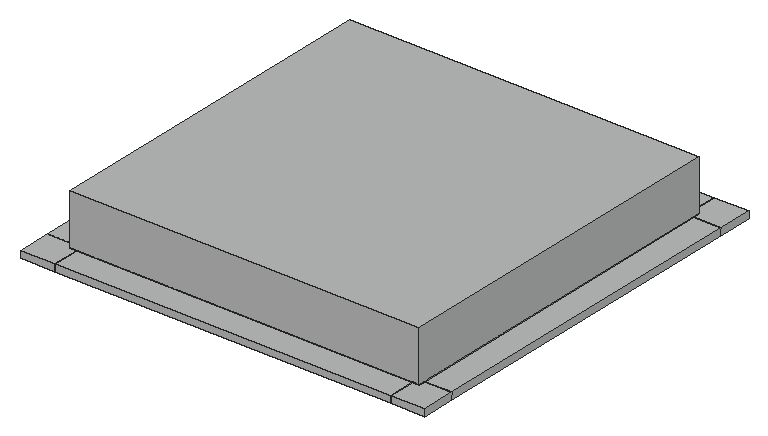
Revit family "ALUMOGIPS", category Осветительные приборы, Revit 2019 (continued)
Types (72, lengths in mm): name | Файл фотометрической сетки | built-in parameter 1150105 | Lumens | built-in parameter 1150106 | built-in parameter 1150142 | Wattage | Emit from Rectangle Width | Emit from Rectangle Length | Длина | Материал светильника | Ширина | ADSK_Ток | ADSK_Полная мощность | ADSK_Обозначение | ADSK_Номинальная мощность | ADSK_Наименование | ADSK_Масса | ADSK_Код изделия
  Alumogips-50/opal-sand 595х595 (IP54, 4000К, серый) | "Светильник ALUMOGIPS-50 OPAL-SAND-(595x595).IES" | 405.85 (stored number, unit not read) | 5100 lm | 4.0585 (stored number, unit not read) | "IESNA:LM-63-95\r\n[TEST] Протокол № 50-14\r\n[DATA] 15.06.2016\r\n[MORE] \r\n[MANUFAC] ЗАО \"Центрстройсвет\"\r\n[LUMCAT]  Светильник ALUMOGIPS-50/OPAL-SAND-(595x595)\r\n[LUMINAIRE]\r\n[LAMPCAT] Светодиоды\r\n[LAMP] Поток источника света (светодиодов) не известен\r\n[MORE] КСС приведена в абсолютных величинах кд\r\n[MORE] Вместо потока лампы, указан поток светильника.\r\nTILT=NONE\r\n1    5060 1.0 37 73 1 2 0.595 0.595 0.04\r\n1.0 1.0 50.3\r\n0.0 5.0 10.0 15.0 20.0 25.0 30.0 35.0 40.0 45.0 50.0 55.0 60.0 65.0 70.0 75.0 80.0 85.0 90.0 95.0 100.0 105.0 110.0 115.0 120.0 125.0 130.0 135.0 140.0 145.0 150.0 155.0 160.0 165.0 170.0 175.0 180.0\r\n0.0 5.0 10.0 15.0 20.0 25.0 30.0 35.0 40.0 45.0 50.0 55.0 60.0 65.0 70.0 75.0 80.0 85.0 90.0 95.0 100.0 105.0 110.0 115.0 120.0 125.0 130.0 135.0 140.0 145.0 150.0 155.0 160.0 165.0 170.0 175.0 180.0 185.0 190.0 195.0 200.0 205.0 210.0 215.0 220.0 225.0 230.0 235.0 240.0 245.0 250.0 255.0 260.0 265.0 270.0 275.0 280.0 285.0 290.0 295.0 300.0 305.0 310.0 315.0 320.0 325.0 330.0 335.0 340.0 345.0 350.0 355.0 360.0\r\n1887.5 1882.3 1843.4 1792.0 1724.0 1631.5 1531.1 1419.3 1293.7 1161.5 1026.7 886.8 740.0 595.0 455.2 319.9 194.6 81.1 4.9 0.0 0.0 0.0 0.0 0.0 0.0 0.0 0.0 0.0 0.0 0.0 0.0 0.0 0.0 0.0 0.0 0.0 0.0\r\n1887.5 1882.9 1846.0 1797.8 1725.1 1630.8 1538.9 1418.0 1289.1 1162.9 1024.5 883.4 740.5 598.7 455.8 320.4 195.7 82.0 5.0 0.0 0.0 0.0 0.0 0.0 0.0 0.0 0.0 0.0 0.0 0.0 0.0 0.0 0.0 0.0 0.0 0.0 0.0\r\n1887.5 1884.1 1849.8 1793.9 1724.1 1633.5 1538.1 1421.4 1298.2 1165.1 1027.4 885.2 742.6 599.8 457.4 322.3 197.1 83.7 5.4 0.0 0.0 0.0 0.0 0.0 0.0 0.0 0.0 0.0 0.0 0.0 0.0 0.0 0.0 0.0 0.0 0.0 0.0\r\n1887.5 1885.6 1850.0 1796.3 1725.8 1632.2 1533.7 1422.0 1295.8 1167.8 1030.8 886.1 743.6 597.9 459.5 322.2 196.9 83.7 5.4 0.0 0.0 0.0 0.0 0.0 0.0 0.0 0.0 0.0 0.0 0.0 0.0 0.0 0.0 0.0 0.0 0.0 0.0\r\n1887.5 1886.5 1849.9 1795.8 1721.4 1639.6 1534.8 1418.0 1296.4 1168.3 1027.2 886.6 744.0 600.2 457.7 323.1 197.0 84.2 5.3 0.0 0.0 0.0 0.0 0.0 0.0 0.0 0.0 0.0 0.0 0.0 0.0 0.0 0.0 0.0 0.0 0.0 0.0\r\n1887.5 1885.6 1848.0 1795.1 1728.2 1636.1 1537.7 1424.4 1296.7 1163.9 1028.1 885.4 746.1 599.2 456.9 323.0 198.1 84.6 6.1 0.0 0.0 0.0 0.0 0.0 0.0 0.0 0.0 0.0 0.0 0.0 0.0 0.0 0.0 0.0 0.0 0.0 0.0\r\n1887.5 1884.2 1849.8 1792.9 1722.3 1637.3 1537.3 1423.8 1299.0 1162.9 1028.1 889.2 746.4 599.2 458.6 325.2 198.7 85.0 6.5 0.0 0.0 0.0 0.0 0.0 0.0 0.0 0.0 0.0 0.0 0.0 0.0 0.0 0.0 0.0 0.0 0.0 0.0\r\n1887.5 1884.0 1850.9 1800.1 1725.4 1633.0 1534.3 1421.2 1294.0 1160.9 1028.3 886.0 747.4 600.7 459.7 325.6 199.2 86.0 6.2 0.0 0.0 0.0 0.0 0.0 0.0 0.0 0.0 0.0 0.0 0.0 0.0 0.0 0.0 0.0 0.0 0.0 0.0\r\n1887.5 1884.0 1850.4 1799.2 1722.9 1634.9 1528.6 1423.0 1298.2 1162.3 1032.0 888.7 743.9 600.7 461.8 326.2 199.2 86.6 6.1 0.0 0.0 0.0 0.0 0.0 0.0 0.0 0.0 0.0 0.0 0.0 0.0 0.0 0.0 0.0 0.0 0.0 0.0\r\n1887.5 1883.3 1848.8 1801.0 1723.6 1638.0 1538.5 1425.1 1297.5 1166.1 1029.5 886.1 746.3 605.4 461.8 326.3 201.2 87.0 6.2 0.0 0.0 0.0 0.0 0.0 0.0 0.0 0.0 0.0 0.0 0.0 0.0 0.0 0.0 0.0 0.0 0.0 0.0\r\n1887.5 1883.3 1850.6 1797.3 1725.8 1637.1 1533.1 1417.5 1298.3 1167.1 1027.2 888.0 746.2 603.2 463.6 327.0 201.7 88.1 6.5 0.0 0.0 0.0 0.0 0.0 0.0 0.0 0.0 0.0 0.0 0.0 0.0 0.0 0.0 0.0 0.0 0.0 0.0\r\n1887.5 1883.7 1849.0 1797.7 1720.9 1638.5 1535.3 1424.4 1299.6 1168.5 1035.4 889.6 749.8 603.4 465.3 328.4 201.8 88.8 7.0 0.0 0.0 0.0 0.0 0.0 0.0 0.0 0.0 0.0 0.0 0.0 0.0 0.0 0.0 0.0 0.0 0.0 0.0\r\n1887.5 1883.1 1852.7 1797.3 1728.6 1639.3 1538.4 1423.7 1303.2 1168.1 1029.2 892.4 748.1 605.8 464.0 329.6 202.9 89.8 7.0 0.0 0.0 0.0 0.0 0.0 0.0 0.0 0.0 0.0 0.0 0.0 0.0 0.0 0.0 0.0 0.0 0.0 0.0\r\n1887.5 1881.9 1853.7 1798.9 1724.8 1637.5 1543.5 1423.8 1299.9 1170.3 1024.3 891.2 751.8 607.8 466.0 330.6 204.5 90.0 7.3 0.0 0.0 0.0 0.0 0.0 0.0 0.0 0.0 0.0 0.0 0.0 0.0 0.0 0.0 0.0 0.0 0.0 0.0\r\n1887.5 1881.8 1854.7 1797.4 1729.6 1638.4 1538.7 1420.0 1302.3 1168.1 1034.9 892.9 749.2 609.3 467.3 330.5 205.3 90.4 7.7 0.0 0.0 0.0 0.0 0.0 0.0 0.0 0.0 0.0 0.0 0.0 0.0 0.0 0.0 0.0 0.0 0.0 0.0\r\n1887.5 1882.8 1852.5 1798.1 1725.4 1641.5 1535.9 1424.2 1305.0 1168.3 1036.9 895.1 752.7 610.0 468.0 330.8 206.4 91.1 7.9 0.0 0.0 0.0 0.0 0.0 0.0 0.0 0.0 0.0 0.0 0.0 0.0 0.0 0.0 0.0 0.0 0.0 0.0\r\n1887.5 1883.6 1853.4 1797.0 1722.9 1639.1 1537.8 1429.0 1302.2 1172.5 1035.6 896.5 751.3 608.9 469.2 331.4 207.3 92.2 8.2 0.0 0.0 0.0 0.0 0.0 0.0 0.0 0.0 0.0 0.0 0.0 0.0 0.0 0.0 0.0 0.0 0.0 0.0\r\n1887.5 1883.6 1850.7 1797.3 1726.9 1643.9 1542.2 1421.1 1302.3 1173.9 1036.7 893.3 752.7 610.7 470.3 331.8 207.5 92.8 8.4 0.0 0.0 0.0 0.0 0.0 0.0 0.0 0.0 0.0 0.0 0.0 0.0 0.0 0.0 0.0 0.0 0.0 0.0\r\n1887.5 1883.8 1850.5 1796.3 1728.7 1637.1 1539.6 1426.0 1310.2 1175.1 1036.5 895.8 754.0 609.7 469.6 332.7 208.2 93.1 8.5 0.0 0.0 0.0 0.0 0.0 0.0 0.0 0.0 0.0 0.0 0.0 0.0 0.0 0.0 0.0 0.0 0.0 0.0\r\n1887.5 1884.5 1848.7 1798.4 1728.4 1643.0 1541.1 1424.4 1306.1 1175.6 1035.2 895.7 753.2 610.0 470.1 333.6 209.0 93.8 8.7 0.0 0.0 0.0 0.0 0.0 0.0 0.0 0.0 0.0 0.0 0.0 0.0 0.0 0.0 0.0 0.0 0.0 0.0\r\n1887.5 1885.1 1846.5 1798.1 1728.3 1640.7 1538.4 1422.5 1302.2 1173.0 1035.2 900.5 754.9 610.9 470.6 333.2 208.6 94.1 8.3 0.0 0.0 0.0 0.0 0.0 0.0 0.0 0.0 0.0 0.0 0.0 0.0 0.0 0.0 0.0 0.0 0.0 0.0\r\n1887.5 1884.8 1851.0 1798.1 1730.2 1643.2 1541.6 1426.4 1303.3 1176.2 1035.7 896.2 754.5 612.8 472.6 334.1 209.1 94.5 8.3 0.0 0.0 0.0 0.0 0.0 0.0 0.0 0.0 0.0 0.0 0.0 0.0 0.0 0.0 0.0 0.0 0.0 0.0\r\n1887.5 1884.2 1851.7 1798.5 1729.5 1639.1 1536.0 1425.2 1302.7 1175.5 1036.5 898.0 758.2 612.7 468.9 335.3 208.8 94.8 9.1 0.0 0.0 0.0 0.0 0.0 0.0 0.0 0.0 0.0 0.0 0.0 0.0 0.0 0.0 0.0 0.0 0.0 0.0\r\n1887.5 1883.1 1853.9 1797.7 1724.9 1639.7 1541.8 1430.1 1304.9 1168.5 1037.8 897.4 754.1 610.4 472.0 334.6 209.1 95.3 8.8 0.0 0.0 0.0 0.0 0.0 0.0 0.0 0.0 0.0 0.0 0.0 0.0 0.0 0.0 0.0 0.0 0.0 0.0\r\n1887.5 1881.5 1850.2 1795.2 1729.7 1647.3 1540.3 1425.3 1308.1 1174.1 1040.2 896.3 755.4 612.5 470.5 335.6 209.7 95.4 8.7 0.0 0.0 0.0 0.0 0.0 0.0 0.0 0.0 0.0 0.0 0.0 0.0 0.0 0.0 0.0 0.0 0.0 0.0\r\n1887.5 1880.4 1847.4 1795.8 1726.1 1638.7 1541.7 1429.3 1302.6 1175.9 1038.5 897.9 751.3 611.6 471.1 335.6 209.6 95.3 9.2 0.0 0.0 0.0 0.0 0.0 0.0 0.0 0.0 0.0 0.0 0.0 0.0 0.0 0.0 0.0 0.0 0.0 0.0\r\n1887.5 1880.0 1850.3 1797.1 1726.4 1643.3 1536.0 1421.3 1303.6 1171.4 1038.6 895.9 755.7 612.4 470.9 336.2 208.7 95.8 9.1 0.0 0.0 0.0 0.0 0.0 0.0 0.0 0.0 0.0 0.0 0.0 0.0 0.0 0.0 0.0 0.0 0.0 0.0\r\n1887.5 1879.1 1850.7 1799.2 1725.1 1639.6 1536.4 1428.4 1302.2 1172.1 1033.4 895.3 754.1 612.8 470.7 335.5 209.1 96.7 9.0 0.0 0.0 0.0 0.0 0.0 0.0 0.0 0.0 0.0 0.0 0.0 0.0 0.0 0.0 0.0 0.0 0.0 0.0\r\n1887.5 1876.9 1845.6 1794.8 1724.8 1637.8 1537.7 1427.7 1305.4 1174.0 1036.9 896.0 755.2 613.5 471.4 337.3 209.9 96.1 9.4 0.0 0.0 0.0 0.0 0.0 0.0 0.0 0.0 0.0 0.0 0.0 0.0 0.0 0.0 0.0 0.0 0.0 0.0\r\n1887.5 1874.8 1849.0 1796.1 1725.5 1644.7 1539.3 1422.3 1296.7 1172.6 1036.6 895.8 752.9 610.2 470.9 336.1 209.8 95.5 9.5 0.0 0.0 0.0 0.0 0.0 0.0 0.0 0.0 0.0 0.0 0.0 0.0 0.0 0.0 0.0 0.0 0.0 0.0\r\n1887.5 1874.3 1850.7 1796.1 1722.3 1643.7 1535.4 1426.2 1297.3 1169.2 1033.9 896.5 756.1 608.4 469.6 336.8 208.8 95.7 9.0 0.0 0.0 0.0 0.0 0.0 0.0 0.0 0.0 0.0 0.0 0.0 0.0 0.0 0.0 0.0 0.0 0.0 0.0\r\n1887.5 1875.0 1847.6 1795.2 1726.0 1637.4 1538.8 1422.8 1302.3 1167.3 1031.4 892.2 753.9 609.3 470.2 335.4 209.4 95.6 9.2 0.0 0.0 0.0 0.0 0.0 0.0 0.0 0.0 0.0 0.0 0.0 0.0 0.0 0.0 0.0 0.0 0.0 0.0\r\n1887.5 1876.2 1846.7 1797.0 1722.9 1632.1 1531.8 1428.4 1297.9 1173.0 1032.8 893.5 750.3 609.2 468.7 334.5 208.8 95.2 9.5 0.0 0.0 0.0 0.0 0.0 0.0 0.0 0.0 0.0 0.0 0.0 0.0 0.0 0.0 0.0 0.0 0.0 0.0\r\n1887.5 1877.0 1845.0 1799.0 1728.3 1642.0 1532.1 1422.0 1297.5 1176.2 1034.8 896.4 752.7 609.9 470.0 333.7 209.6 95.2 9.1 0.0 0.0 0.0 0.0 0.0 0.0 0.0 0.0 0.0 0.0 0.0 0.0 0.0 0.0 0.0 0.0 0.0 0.0\r\n1887.5 1876.9 1842.6 1790.6 1724.9 1639.4 1536.1 1422.9 1304.1 1169.6 1035.5 895.3 751.4 609.1 469.0 332.6 209.1 95.1 9.2 0.0 0.0 0.0 0.0 0.0 0.0 0.0 0.0 0.0 0.0 0.0 0.0 0.0 0.0 0.0 0.0 0.0 0.0\r\n1887.5 1875.7 1845.4 1794.6 1719.6 1634.8 1535.6 1422.6 1301.8 1167.1 1036.6 892.0 752.3 605.8 469.0 332.7 209.1 93.9 9.3 0.0 0.0 0.0 0.0 0.0 0.0 0.0 0.0 0.0 0.0 0.0 0.0 0.0 0.0 0.0 0.0 0.0 0.0\r\n1887.5 1874.6 1846.6 1791.0 1719.4 1631.6 1534.3 1422.3 1303.5 1171.6 1032.3 893.0 750.0 606.5 467.5 330.0 206.4 92.9 8.4 0.0 0.0 0.0 0.0 0.0 0.0 0.0 0.0 0.0 0.0 0.0 0.0 0.0 0.0 0.0 0.0 0.0 0.0\r\n1887.5 1874.0 1843.1 1789.6 1720.6 1639.4 1534.3 1424.0 1300.8 1168.1 1030.2 892.1 748.2 609.2 467.1 330.4 206.0 92.1 7.9 0.0 0.0 0.0 0.0 0.0 0.0 0.0 0.0 0.0 0.0 0.0 0.0 0.0 0.0 0.0 0.0 0.0 0.0\r\n1887.5 1873.5 1842.4 1792.6 1720.8 1633.5 1535.7 1423.0 1296.8 1165.4 1028.6 890.9 749.2 606.9 466.1 329.8 204.3 90.7 7.8 0.0 0.0 0.0 0.0 0.0 0.0 0.0 0.0 0.0 0.0 0.0 0.0 0.0 0.0 0.0 0.0 0.0 0.0\r\n1887.5 1872.5 1843.5 1792.8 1719.4 1633.2 1530.8 1420.9 1295.9 1169.4 1030.4 892.0 748.4 604.3 464.0 329.4 203.7 91.1 7.3 0.0 0.0 0.0 0.0 0.0 0.0 0.0 0.0 0.0 0.0 0.0 0.0 0.0 0.0 0.0 0.0 0.0 0.0\r\n1887.5 1871.5 1840.6 1788.3 1723.9 1633.4 1533.4 1417.1 1296.6 1165.6 1026.8 888.1 749.6 603.5 465.6 328.3 203.4 90.8 6.9 0.0 0.0 0.0 0.0 0.0 0.0 0.0 0.0 0.0 0.0 0.0 0.0 0.0 0.0 0.0 0.0 0.0 0.0\r\n1887.5 1871.7 1837.5 1793.8 1715.8 1634.9 1538.0 1424.6 1298.1 1167.0 1028.0 888.7 747.9 603.5 465.2 327.9 201.8 90.2 7.0 0.0 0.0 0.0 0.0 0.0 0.0 0.0 0.0 0.0 0.0 0.0 0.0 0.0 0.0 0.0 0.0 0.0 0.0\r\n1887.5 1872.9 1840.2 1791.1 1722.4 1635.7 1532.7 1420.2 1295.0 1159.5 1029.1 888.4 746.9 600.5 462.3 328.7 201.0 90.1 6.9 0.0 0.0 0.0 0.0 0.0 0.0 0.0 0.0 0.0 0.0 0.0 0.0 0.0 0.0 0.0 0.0 0.0 0.0\r\n1887.5 1873.3 1840.5 1789.1 1721.5 1635.7 1530.6 1419.0 1297.0 1164.6 1027.8 889.2 744.1 604.1 463.3 327.1 201.1 89.2 6.4 0.0 0.0 0.0 0.0 0.0 0.0 0.0 0.0 0.0 0.0 0.0 0.0 0.0 0.0 0.0 0.0 0.0 0.0\r\n1887.5 1872.9 1835.7 1788.5 1722.3 1636.7 1534.0 1423.0 1296.7 1161.9 1026.4 886.9 745.3 601.5 461.8 326.2 200.5 88.4 6.3 0.0 0.0 0.0 0.0 0.0 0.0 0.0 0.0 0.0 0.0 0.0 0.0 0.0 0.0 0.0 0.0 0.0 0.0\r\n1887.5 1872.6 1838.3 1791.1 1724.9 1630.4 1531.8 1419.7 1295.3 1168.5 1027.5 880.9 745.5 601.1 461.5 326.5 199.4 87.5 6.3 0.0 0.0 0.0 0.0 0.0 0.0 0.0 0.0 0.0 0.0 0.0 0.0 0.0 0.0 0.0 0.0 0.0 0.0\r\n1887.5 1872.8 1840.3 1789.2 1719.5 1633.6 1532.6 1417.6 1294.5 1165.4 1020.8 885.7 745.3 602.2 460.4 324.3 199.3 87.3 6.1 0.0 0.0 0.0 0.1 0.2 0.0 0.0 0.0 0.0 0.0 0.0 0.0 0.0 0.0 0.0 0.0 0.0 0.0\r\n1887.5 1873.5 1838.6 1790.7 1722.3 1630.8 1530.5 1417.1 1295.0 1167.0 1025.9 884.6 740.9 599.5 459.4 323.2 199.3 86.7 5.7 0.0 0.0 0.0 0.2 0.4 0.0 0.0 0.0 0.0 0.0 0.0 0.0 0.0 0.0 0.0 0.0 0.0 0.0\r\n1887.5 1874.2 1837.3 1789.5 1719.1 1630.4 1533.5 1417.9 1293.0 1161.5 1026.6 886.5 743.5 600.4 460.1 323.6 198.7 86.1 5.9 0.0 0.0 0.0 0.4 0.6 0.0 0.0 0.0 0.0 0.0 0.0 0.0 0.0 0.0 0.0 0.0 0.0 0.0\r\n1887.5 1874.2 1840.2 1789.0 1715.5 1634.9 1530.0 1416.2 1292.8 1158.2 1025.3 884.7 740.5 599.4 458.3 323.4 197.9 85.3 5.9 0.0 0.0 0.0 0.4 0.9 0.0 0.0 0.0 0.0 0.1 0.0 0.0 0.0 0.0 0.0 0.0 0.0 0.0\r\n1887.5 1873.3 1839.1 1789.1 1718.1 1638.7 1537.0 1412.2 1291.9 1164.4 1026.0 883.3 742.8 598.7 456.7 321.5 197.8 84.6 5.7 0.0 0.0 0.0 0.2 0.8 0.0 0.0 0.0 0.0 0.1 0.0 0.0 0.0 0.0 0.0 0.0 0.0 0.0\r\n1887.5 1872.3 1839.4 1787.8 1714.0 1633.5 1527.1 1417.7 1293.5 1164.9 1025.5 883.9 738.3 599.4 457.0 320.6 197.3 83.5 5.9 0.0 0.0 0.0 0.0 0.1 0.2 0.0 0.0 0.0 0.1 0.0 0.0 0.0 0.0 0.0 0.0 0.0 0.0\r\n1887.5 1871.5 1840.6 1789.0 1716.8 1627.7 1530.9 1417.4 1291.4 1158.2 1021.7 888.3 739.3 596.4 457.7 320.6 196.6 83.1 5.8 0.0 0.0 0.0 0.0 0.0 0.0 0.0 0.0 0.0 0.1 0.0 0.0 0.0 0.0 0.0 0.0 0.0 0.0\r\n1887.5 1871.2 1839.5 1788.7 1714.7 1630.8 1533.3 1417.2 1290.6 1154.1 1021.7 884.9 739.3 596.6 457.4 319.4 195.8 83.0 5.3 0.0 0.0 0.0 0.0 0.0 0.0 0.0 0.0 0.0 0.1 0.0 0.0 0.0 0.0 0.0 0.0 0.0 0.0\r\n1887.5 1871.6 1839.7 1787.9 1720.6 1630.8 1533.9 1416.2 1290.9 1158.9 1021.9 880.6 741.2 596.3 457.0 320.0 195.2 82.5 4.7 0.0 0.0 0.0 0.0 0.0 0.0 0.0 0.0 0.0 0.1 0.0 0.0 0.0 0.0 0.0 0.0 0.0 0.0\r\n1887.5 1872.3 1838.1 1789.3 1712.9 1625.9 1525.4 1417.2 1291.8 1157.6 1020.0 883.4 740.0 594.9 454.8 318.6 194.2 81.9 4.7 0.0 0.0 0.0 0.0 0.0 0.0 0.0 0.0 0.0 0.1 0.0 0.0 0.0 0.0 0.0 0.0 0.0 0.0\r\n1887.5 1872.7 1839.6 1789.3 1718.6 1629.9 1525.5 1419.8 1293.5 1154.0 1020.1 878.8 736.9 593.7 456.1 318.4 193.6 81.4 4.3 0.0 0.0 0.0 0.0 0.0 0.0 0.0 0.0 0.0 0.1 0.0 0.0 0.0 0.0 0.0 0.0 0.0 0.0\r\n1887.5 1873.0 1840.9 1790.2 1716.4 1630.3 1526.9 1414.6 1285.9 1157.6 1025.3 882.6 736.3 594.0 453.5 317.4 193.8 80.8 3.8 0.0 0.0 0.0 0.0 0.0 0.0 0.0 0.0 0.0 0.1 0.0 0.0 0.0 0.0 0.0 0.0 0.0 0.0\r\n1887.5 1873.5 1841.2 1787.5 1718.4 1634.0 1528.6 1409.6 1285.8 1155.5 1025.3 876.4 735.1 594.3 453.7 316.4 192.5 80.5 4.0 0.0 0.0 0.0 0.0 0.0 0.0 0.0 0.0 0.0 0.1 0.0 0.0 0.0 0.0 0.0 0.0 0.0 0.0\r\n1887.5 1873.9 1841.6 1790.0 1717.7 1629.1 1528.0 1409.8 1288.0 1151.6 1019.8 875.9 736.5 592.3 451.8 318.0 191.7 80.2 4.0 0.0 0.0 0.0 0.0 0.0 0.0 0.0 0.0 0.0 0.0 0.0 0.0 0.0 0.0 0.0 0.0 0.0 0.0\r\n1887.5 1874.1 1841.0 1789.7 1717.2 1630.1 1529.9 1419.7 1290.4 1156.3 1022.8 880.3 733.7 593.5 452.4 316.0 191.3 79.4 3.9 0.0 0.0 0.0 0.0 0.0 0.0 0.0 0.0 0.0 0.0 0.0 0.0 0.0 0.0 0.0 0.0 0.0 0.0\r\n1887.5 1874.1 1840.2 1785.0 1714.5 1629.4 1527.7 1411.7 1290.1 1153.6 1017.8 879.3 733.8 592.9 451.3 315.7 191.7 79.2 4.4 0.0 0.0 0.0 0.0 0.0 0.0 0.0 0.0 0.0 0.0 0.0 0.0 0.0 0.0 0.0 0.0 0.0 0.0\r\n1887.5 1873.8 1839.2 1790.0 1722.6 1631.3 1526.9 1414.1 1288.6 1158.0 1021.7 880.4 735.8 589.7 453.5 315.5 191.2 78.9 4.5 0.0 0.0 0.0 0.0 0.0 0.0 0.0 0.0 0.0 0.0 0.0 0.0 0.0 0.0 0.0 0.0 0.0 0.0\r\n1887.5 1874.4 1838.4 1789.0 1718.1 1628.9 1522.6 1413.3 1284.8 1161.1 1020.5 878.5 734.8 593.7 450.4 316.4 190.5 79.1 4.3 0.0 0.0 0.0 0.0 0.0 0.0 0.0 0.0 0.0 0.0 0.0 0.0 0.0 0.0 0.0 0.0 0.0 0.0\r\n1887.5 1876.6 1839.3 1788.5 1718.4 1632.2 1524.7 1416.3 1290.0 1154.1 1020.6 876.5 736.6 594.2 448.6 316.5 189.8 78.5 4.1 0.0 0.0 0.0 0.0 0.0 0.0 0.0 0.0 0.0 0.0 0.0 0.0 0.0 0.0 0.0 0.0 0.0 0.0\r\n1887.5 1878.7 1842.1 1786.9 1714.7 1629.1 1527.4 1410.5 1293.4 1160.9 1018.3 878.4 735.0 594.0 451.4 313.5 190.7 78.3 3.7 0.0 0.0 0.0 0.0 0.0 0.0 0.0 0.0 0.0 0.0 0.0 0.0 0.0 0.0 0.0 0.0 0.0 0.0\r\n1887.5 1879.5 1841.9 1788.6 1717.1 1632.6 1529.5 1414.0 1286.1 1155.2 1023.1 878.2 734.9 591.7 452.9 315.4 190.4 78.3 3.4 0.0 0.0 0.0 0.0 0.0 0.0 0.0 0.0 0.0 0.0 0.0 0.0 0.0 0.0 0.0 0.0 0.0 0.0\r\n1887.5 1879.6 1839.7 1792.9 1715.8 1629.7 1529.6 1414.5 1293.2 1154.7 1019.1 880.1 734.7 589.5 450.3 315.4 190.2 78.5 3.7 0.0 0.0 0.0 0.0 0.0 0.0 0.0 0.0 0.0 0.0 0.0 0.0 0.0 0.0 0.0 0.0 0.0 0.0\r\n1887.5 1880.2 1841.8 1793.1 1721.7 1625.7 1529.1 1413.3 1291.5 1156.5 1017.9 882.6 737.0 593.8 452.9 315.8 189.7 78.7 3.6 0.0 0.0 0.0 0.0 0.0 0.0 0.0 0.0 0.0 0.0 0.0 0.0 0.0 0.0 0.0 0.0 0.0 0.0\r\n1887.5 1881.1 1842.4 1785.9 1716.3 1632.5 1528.4 1410.2 1289.5 1156.3 1018.9 875.2 736.4 595.3 452.5 315.3 191.0 79.0 3.5 0.0 0.0 0.0 0.0 0.0 0.0 0.0 0.0 0.0 0.0 0.0 0.0 0.0 0.0 0.0 0.0 0.0 0.0\r\n1887.5 1881.7 1845.0 1794.4 1714.9 1633.8 1528.0 1412.9 1290.1 1152.0 1023.1 875.3 736.1 593.0 453.1 316.0 191.8 79.6 3.9 0.0 0.0 0.0 0.0 0.0 0.0 0.0 0.0 0.0 0.0 0.0 0.0 0.0 0.0 0.0 0.0 0.0 0.0\r\n1887.5 1882.0 1844.3 1789.1 1721.3 1636.2 1528.4 1415.3 1289.9 1160.9 1019.9 882.0 736.6 593.6 453.1 317.2 192.7 80.3 4.5 0.0 0.0 0.0 0.0 0.0 0.0 0.0 0.0 0.0 0.0 0.0 0.0 0.0 0.0 0.0 0.0 0.0 0.0\r\n1887.5 1882.3 1843.4 1792.0 1724.0 1631.5 1531.1 1419.3 1293.7 1161.5 1026.7 886.8 740.0 595.0 455.2 319.9 194.6 81.1 4.9 0.0 0.0 0.0 0.0 0.0 0.0 0.0 0.0 0.0 0.0 0.0 0.0 0.0 0.0 0.0 0.0 0.0 0.0\r\n" | 34.3337 W | 575 | 575 | 595 | RAL 9006 | 595 | 0.236295 A | 54.3478 VA | "Alumogips-50/opal-sand 595х595 (IP54, 4000К, серый)" | 50 W | "Встраиваемый светодиодный
     светильник Alumogips-50/opal-sand 595х595 (IP54, 4000К, серый)" | 2.5 | "ЦБ000006734"
